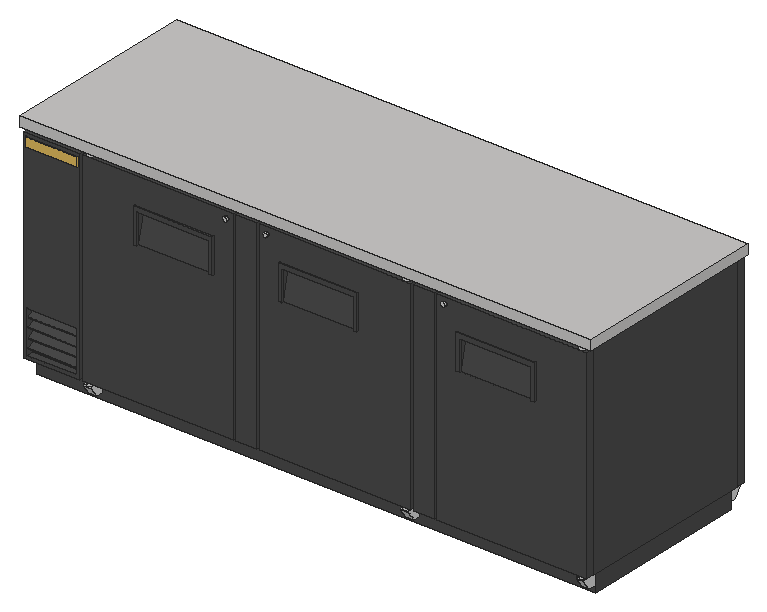
Revit family
Parameters
  Weight = "565 lbs."
  Watts = Volts * FL Amps  # 1012 W
  Volts = 115 V
  URL Manufacturer = "www.truemfg.com"
  URL Cutsheet = "www.truemfg.com"
  URL = "www.truemfg.com"
  Type Mark [instance] = ""
  Type Comments = ""
  Status [instance] = ""
  Specification by User [instance] = ""
  Specification by Manufacturer = ""
  Show Seismic Flanged [instance] = no
  Show Logo [instance] = yes
  Show Legs [instance] = no
  Show Clearance [instance] = yes
  Serial Number = ""
  Seismic Rating = ""
  Seismic Plate [instance] = and(Show Seismic Flanged, not(Show Casters))  # no
  SMACNA No = ""
  Revision Code [instance] = ""
  Phase = 1
  Omniclass Number and Title = ""
  Number of Poles [instance] = 1
  NAFEM Spec ID Number = ""
  Model = "TBB-4PT"
  Min Ckt Ampacity = 8.8 A
  Max Overcurrent Protection = 13.8 A
  MasterSpec. = ""
  Manufacturer = "TRUE FOOD SERVICE EQUIPMENT, INC."
  Legs [instance] = or(Show Legs, Show Seismic Flanged)  # no
  Item Number [instance] = ""
  Installed By [instance] = ""
  Identify Quantity as Lot [instance] = yes
  HP = "1/2"
  Furnished By [instance] = ""
  Foodservice Equipment Identifier [instance] = yes
  FL Amps = 8.8 A
  Electrical Remarks [instance] = ""
  Electric Connection Type [instance] = ""
  Elec Conn RI Height [instance] = 0"
  Elec Conn Connection Height [instance] = 12"
  Description = "Underbar Refrigeration Solid Swing Door Pass-Thru Back Bar Cooler"
  Show Default Legs [instance] = yes
  Cycle = 60 Hz
  Conn Plug NEMA = "NEMA 5-15P"
  Conn Conduit = yes
  Show Casters [instance] = and(not(if(Show Default Legs, Show Default Legs, Show Legs)), not(if(Show Default Legs, Show Default Legs, Show Seismic Flanged)))  # no
  CSI MasterFormat = ""
  CSI Master Format = ""
  Base Height [instance] = if(Show Casters, 5", if(Legs, 6", 0"))  # 0"
  Apparent Power = if(Phase = 3, Volts * FL Amps * 1.73, Volts * FL Amps)  # 1012 VA
Reference planes (in)
  plane 1 "BACK": y = 0
  plane 2: z = 0
  plane 3 "LEFT": x = 0
  plane 4 "RIGHT": x = 90.3125
  plane 5 "FRONT": y = -30.9375
  plane 6 "TOP": z = 37
  plane 7: z = 0
Dimensions and locks (in)
  "Base Height": plane 7 to level
  plane 4 "RIGHT" to plane 3 "LEFT" = 90 5/16"  (x2)
  plane 6 "TOP" to level = 37"  (x3)
  plane 2 to plane 6 "TOP" = 37"
  plane 1 "BACK" to plane 5 "FRONT" = 30 15/16"
  plane 5 "FRONT" to plane 1 "BACK" = 30 15/16"  (x2)
  nested 1 to nested 1 = 90 5/16"
  aligned and locked: level to plane 2
  aligned and locked: plane 7 to nested 1
Nested families (in)
  nested 1: "TBB-4PT" at (0, -0.71875, -6), Show Logo <- "Show Logo", Show Legs <- "Show Legs", Show Clearance <- "Show Clearance", Show Casters <- "Show Casters", Seismic Plate <- "Seismic Plate", Legs <- "Legs", type "TBB-4PT"
    with Type Mark "", Specification by User "", Show Logo yes, Show Legs no, Show Clearance yes, Show Casters no, Seismic Plate no, Revision Code "", Logo yes, Legs no, Item Number "", Installed By "", Identify Quantity as Lot yes, Furnished By "", Foodservice Equipment Identifier yes
Connectors (in)
  electrical at (5.06169, 0.0625, 12), driven by "Volts", driven by "Watts"
    settings: on nested 1, index 1, voltage 115 V, apparent load 1012 VA, apparent load phase1 0 VA, apparent load phase2 0 VA, apparent load phase3 0 VA, power factor 1, load classification "Other", number of poles 1, system type 30, power factor state 1, is connector primary yes, connector utility no, sub classification motor no, connector description "Electrical Connection"
Definition of nested family "TBB-4PT"
  Parameters (values of type "TBB-4PT")
    URL = "www.truemfg.com"
    Type Mark [instance] = ""
    Type Comments = "www.truemfg.com"
    Specification by User [instance] = ""
    Specification by Manufacturer = ""
    Show Logo [instance] = yes
    Show Legs [instance] = yes
    Show Clearance [instance] = yes
    Show Casters [instance] = yes
    Serial Number = ""
    Seismic Rating = ""
    Seismic Plate [instance] = no
    SMACNA No = ""
    Revision Code [instance] = ""
    Omniclass Number and Title = ""
    NAFEM Spec ID Number = ""
    Model = "TBB-4PT"
    MasterSpec. = ""
    Manufacturer = "TRUE FOOD SERVICE EQUIPMENT, INC."
    Logo [instance] = yes
    Legs [instance] = no
    Item Number [instance] = ""
    Installed By [instance] = ""
    Identify Quantity as Lot [instance] = yes
    Furnished By [instance] = ""
    Foodservice Equipment Identifier [instance] = yes
    Description = "Underbar Refrigeration Solid Swing Door Pass-Thru Back Bar Cooler"
    CSI MasterFormat = ""
    CSI Master Format = ""
    Assembly Code = ""
  Reference planes (in)
    plane 1: z = 0
    plane 2 "LEFT": x = 0
    plane 3 "RIGHT": x = 90.3125
    plane 4 "FRONT": y = -30.21875
    plane 5 "TOP": z = 43
    plane 6: z = 6
    plane 7 "BACK": y = 0.71875
  Forms (in)
    Extrusion 1, solid, material "QF_Finishes_Black"
      sketch origin (0, -2.21875, 1) x (0, 1, 0) y (0, 0, 1)
        loop
          line (0.84375, 8) -> (-25.90625, 8) -> (-25.90625, 5) -> (0.84375, 5) -> (0.84375, 8)
      from 1 to 89.3125
    Extrusion 2, solid, material "QF_Finishes_Stainless Steel", visible <- "Seismic Plate"
      sketch origin (-0.22541, -24.4251, 0) x (1, 0, 0) y (0, 1, 0)
        loop
          circle (87.37853, 21.33795) r 1.5
        loop
          circle (3.30142, 21.33795) r 1.5
        loop
          circle (87.37853, -1.98271) r 1.5
        loop
          circle (3.30142, -1.98271) r 1.5
      from 0 to 0.25
    Extrusion 3, solid, material "QF_Finishes_Black"
      sketch origin (0, 0, 0) x (1, 0, 0) y (0, 1, 0)
        loop
          line (0.65625, -28.96875) -> (89.65625, -28.96875) -> (89.65625, -0.53125) -> (0.65625, -0.53125) -> (0.65625, -28.96875)
      from 9 to 41.5
    Extrusion 4, solid, material "QF_Finishes_Stainless Steel"
      sketch origin (0, 0, 24) x (1, 0, 0) y (0, 1, 0)
        loop
          line (0, 0.71875) -> (0, -30.21875) -> (90.3125, -30.21875) -> (90.3125, 0.71875) -> (0, 0.71875)
      from 17.5 to 19
    Revolve 5, solid, material "QF_Finishes_Stainless Steel", visible <- "Legs"
      sketch origin (89.19481, -3.18273, 0) x (-1, 0, 0) y (0, 0, 1)
        loop
          line (2, 6) -> (0.53856, 6) -> (1.25, 1) -> (1.5, 1) -> (1.5, 0) -> (2, 0) -> (2, 6)
        axis (2, 0) -> (2, 6)
      angle from 0 to 360
    Revolve 6, solid, material "QF_Finishes_Stainless Steel", visible <- "Legs"
      sketch origin (1.11769, -3.18273, 0) x (1, 0, 0) y (0, 0, -1)
        loop
          line (2, -6) -> (2, 0) -> (1.5, 0) -> (1.5, -1) -> (1.25, -1) -> (0.53856, -6) -> (2, -6)
        axis (2, 0) -> (2, -6)
      angle from 0 to 360
    Extrusion 7, solid, material "QF_Finishes_Black"
      sketch origin (0, -29.21875, 7.375) x (0, 0, -1) y (1, 0, 0)
        loop
          line (-33.625, 62.28125) -> (-1.625, 62.28125) -> (-1.625, 65.5625) -> (-33.625, 65.5625) -> (-33.625, 62.28125)
        loop
          line (-1.625, 89.65625) -> (-33.625, 89.65625) -> (-33.625, 65.98238) -> (-1.625, 65.98238) -> (-1.625, 89.65625)
        loop
          line (-33.625, 9.87898) -> (-1.625, 9.87898) -> (-1.625, 33.76761) -> (-33.625, 33.76761) -> (-33.625, 9.87898)
        loop
          line (-1.625, 9.50398) -> (-33.625, 9.50398) -> (-33.625, 0.65625) -> (-1.625, 0.65625) -> (-1.625, 9.50398)
        loop
          line (-2.125, 1.15625) -> (-2.125, 9.00398) -> (-8.875, 9.00398) -> (-8.875, 1.15625) -> (-2.125, 1.15625)
        loop
          line (-33.625, 34.1875) -> (-1.625, 34.1875) -> (-1.625, 37.46875) -> (-33.625, 37.46875) -> (-33.625, 34.1875)
        loop
          line (-1.625, 61.875) -> (-33.625, 61.875) -> (-33.625, 37.875) -> (-1.625, 37.875) -> (-1.625, 61.875)
      from -0.14246 to 1
    Extrusion 8, solid, material "QF_Finishes_Black"
      sketch origin (1, -2.99818, 1) x (0, -1, 0) y (0, 0, 1)
        loop
          line (27.14294, 14.02072) -> (25.97057, 14.69759) -> (25.97057, 14.40892) -> (27.01794, 13.80421) -> (27.14294, 14.02072)
        loop
          line (27.14294, 12.52072) -> (25.97057, 13.19759) -> (25.97057, 12.90891) -> (27.01794, 12.30421) -> (27.14294, 12.52072)
        loop
          line (27.14294, 11.02072) -> (25.97057, 11.69759) -> (25.97057, 11.40891) -> (27.01794, 10.80421) -> (27.14294, 11.02072)
        loop
          line (27.14294, 9.52072) -> (25.97057, 10.19759) -> (25.97057, 9.90892) -> (27.01794, 9.30421) -> (27.14294, 9.52072)
      from -8.00398 to -0.15625
    Extrusion 9, void
      sketch origin (18.09773, -2.99818, 1) x (0, 1, 0) y (0, 0, 1)
        loop
          line (-27.22057, 35.0625) -> (-27.22057, 30.3125) -> (-26.22057, 35.0625) -> (-27.22057, 35.0625)
      from 0.625 to 12
    Extrusion 10, void
      sketch origin (40.93352, -2.99818, 1) x (0, 1, 0) y (0, 0, 1)
        loop
          line (-27.22057, 35.0625) -> (-27.22057, 30.3125) -> (-26.22057, 35.0625) -> (-27.22057, 35.0625)
      from 0.625 to 12
    Revolve 11, solid, material "QF_Finishes_Stainless Steel", visible <- "Legs"
      sketch origin (89.19481, -26.37998, 0) x (-1, 0, 0) y (0, 0, 1)
        loop
          line (2, 6) -> (0.53856, 6) -> (1.25, 1) -> (1.5, 1) -> (1.5, 0) -> (2, 0) -> (2, 6)
        axis (2, 0) -> (2, 6)
      angle from 0 to 360
    Revolve 12, solid, material "QF_Finishes_Black", visible <- "Show Casters"
      sketch origin (89.19481, -25.37998, 1.5) x (-1, 0, 0) y (0, 0, -1)
        loop
          line (1.475, -3.5) -> (2.525, -3.5) -> (2.62908, -3.39592) -> (2.62908, -2.79941) -> (2.46399, -2.79941) -> (2.46399, -2.04941) -> (2.62908, -2.04941) -> (2.62908, -1.79941) -> (3.025, -1.79941) -> (3.025, -1.5) -> (0.975, -1.5) -> (0.975, -1.79941) -> (1.375, -1.79941) -> (1.375, -2.04941) -> (1.53601, -2.04941) -> (1.53601, -2.79941) -> (1.375, -2.79941) -> (1.375, -3.4) -> (1.475, -3.5)
        axis (3.025, -1.5) -> (0.975, -1.5)
      angle from 0 to 360
    Revolve 13, solid, material "QF_Finishes_Stainless Steel", visible <- "Legs"
      sketch origin (1.11769, -26.37998, 0) x (1, 0, 0) y (0, 0, -1)
        loop
          line (2, -6) -> (2, 0) -> (1.5, 0) -> (1.5, -1) -> (1.25, -1) -> (0.53856, -6) -> (2, -6)
        axis (2, 0) -> (2, -6)
      angle from 0 to 360
    Revolve 14, solid, material "QF_Finishes_Black", visible <- "Show Casters"
      sketch origin (1.11769, -25.37998, 1.5) x (1, 0, 0) y (0, 0, 1)
        loop
          line (1.475, 3.5) -> (1.375, 3.4) -> (1.375, 2.79941) -> (1.53601, 2.79941) -> (1.53601, 2.04941) -> (1.375, 2.04941) -> (1.375, 1.79941) -> (0.975, 1.79941) -> (0.975, 1.5) -> (3.025, 1.5) -> (3.025, 1.79941) -> (2.62908, 1.79941) -> (2.62908, 2.04941) -> (2.46399, 2.04941) -> (2.46399, 2.79941) -> (2.62908, 2.79941) -> (2.62908, 3.39592) -> (2.525, 3.5) -> (1.475, 3.5)
        axis (3.025, 1.5) -> (0.975, 1.5)
      angle from 0 to 360
    Revolve 15, solid, material "QF_Finishes_Black", visible <- "Show Casters"
      sketch origin (89.19481, -2.27648, 1.5) x (-1, 0, 0) y (0, 0, -1)
        loop
          line (1.475, -3.5) -> (2.525, -3.5) -> (2.62908, -3.39592) -> (2.62908, -2.79941) -> (2.46399, -2.79941) -> (2.46399, -2.04941) -> (2.62908, -2.04941) -> (2.62908, -1.79941) -> (3.025, -1.79941) -> (3.025, -1.5) -> (0.975, -1.5) -> (0.975, -1.79941) -> (1.375, -1.79941) -> (1.375, -2.04941) -> (1.53601, -2.04941) -> (1.53601, -2.79941) -> (1.375, -2.79941) -> (1.375, -3.4) -> (1.475, -3.5)
        axis (3.025, -1.5) -> (0.975, -1.5)
      angle from 0 to 360
    Revolve 16, solid, material "QF_Finishes_Black", visible <- "Show Casters"
      sketch origin (1.11769, -2.27648, 1.5) x (1, 0, 0) y (0, 0, 1)
        loop
          line (1.475, 3.5) -> (1.375, 3.4) -> (1.375, 2.79941) -> (1.53601, 2.79941) -> (1.53601, 2.04941) -> (1.375, 2.04941) -> (1.375, 1.79941) -> (0.975, 1.79941) -> (0.975, 1.5) -> (3.025, 1.5) -> (3.025, 1.79941) -> (2.62908, 1.79941) -> (2.62908, 2.04941) -> (2.46399, 2.04941) -> (2.46399, 2.79941) -> (2.62908, 2.79941) -> (2.62908, 3.39592) -> (2.525, 3.5) -> (1.475, 3.5)
        axis (3.025, 1.5) -> (0.975, 1.5)
      angle from 0 to 360
    Extrusion 17, solid, material "QF_Finishes_Handrails and Railings", visible <- "Show Casters"
      sketch origin (89.19481, -2.04914, 1.00141) x (0, 1, 0) y (0, 0, -1)
        loop
          line (-25.82548, -4.36074) -> (-23.07548, -4.36074) -> (-22.45791, -2.16805)
          arc (-22.45791, -2.16805) -> (-22.79811, -1.19773) -> (-23.82628, -1.18736) r 0.8952
          line (-23.82628, -1.18736) -> (-25.57548, -3.75589) -> (-25.82548, -3.75589) -> (-25.82548, -4.36074)
        loop
          line (-2.6077, -4.36074) -> (0.1423, -4.36074) -> (0.75987, -2.16805)
          arc (0.75987, -2.16805) -> (0.41967, -1.19773) -> (-0.6085, -1.18736) r 0.8952
          line (-0.6085, -1.18736) -> (-2.3577, -3.75589) -> (-2.6077, -3.75589) -> (-2.6077, -4.36074)
      from 1.175 to 1.325
    Extrusion 18, solid, material "QF_Finishes_Handrails and Railings", visible <- "Show Casters"
      sketch origin (136.97606, -2.24789, 1.00141) x (0, 1, 0) y (0, 0, -1)
        loop
          line (-25.62673, -4.36074) -> (-22.87673, -4.36074) -> (-22.8407, -4.06727) -> (-25.37673, -3.75589) -> (-25.62673, -3.75589) -> (-25.62673, -4.36074)
        loop
          line (-2.40895, -4.36074) -> (0.34105, -4.36074) -> (0.37709, -4.06727) -> (-2.15895, -3.75589) -> (-2.40895, -3.75589) -> (-2.40895, -4.36074)
      from 49.10625 to 50.45625
    Extrusion 19, solid, material "QF_Finishes_Handrails and Railings", visible <- "Show Casters"
      sketch origin (85.19481, -2.04914, 1.00141) x (0, 1, 0) y (0, 0, 1)
        loop
          line (-23.07548, 4.36074) -> (-25.82548, 4.36074) -> (-25.82548, 3.75589) -> (-25.57548, 3.75589) -> (-23.82628, 1.18736)
          arc (-23.82628, 1.18736) -> (-22.79811, 1.19773) -> (-22.45791, 2.16805) r 0.8952
          line (-22.45791, 2.16805) -> (-23.07548, 4.36074)
        loop
          line (-2.6077, 4.36074) -> (-2.6077, 3.75589) -> (-2.3577, 3.75589) -> (-0.6085, 1.18736)
          arc (-0.6085, 1.18736) -> (0.41967, 1.19773) -> (0.75987, 2.16805) r 0.8952
          line (0.75987, 2.16805) -> (0.1423, 4.36074) -> (-2.6077, 4.36074)
      from 1.175 to 1.325
    Extrusion 20, solid, material "QF_Finishes_Handrails and Railings", visible <- "Show Casters"
      sketch origin (1.11769, -2.04914, 1.00141) x (0, 1, 0) y (0, 0, 1)
        loop
          line (-25.82548, 4.36074) -> (-25.82548, 3.75589) -> (-25.57548, 3.75589) -> (-23.82628, 1.18736)
          arc (-23.82628, 1.18736) -> (-22.79811, 1.19773) -> (-22.45791, 2.16805) r 0.8952
          line (-22.45791, 2.16805) -> (-23.07548, 4.36074) -> (-25.82548, 4.36074)
        loop
          line (-2.6077, 4.36074) -> (-2.6077, 3.75589) -> (-2.3577, 3.75589) -> (-0.6085, 1.18736)
          arc (-0.6085, 1.18736) -> (0.41967, 1.19773) -> (0.75987, 2.16805) r 0.8952
          line (0.75987, 2.16805) -> (0.1423, 4.36074) -> (-2.6077, 4.36074)
      from 1.175 to 1.325
    Extrusion 21, solid, material "QF_Finishes_Handrails and Railings", visible <- "Show Casters"
      sketch origin (-46.66356, -2.24789, 1.00141) x (0, 1, 0) y (0, 0, 1)
        loop
          line (-25.62673, 4.36074) -> (-25.62673, 3.75589) -> (-25.37673, 3.75589) -> (-22.8407, 4.06727) -> (-22.87673, 4.36074) -> (-25.62673, 4.36074)
        loop
          line (-2.40895, 4.36074) -> (-2.40895, 3.75589) -> (-2.15895, 3.75589) -> (0.37709, 4.06727) -> (0.34105, 4.36074) -> (-2.40895, 4.36074)
      from 49.10625 to 50.45625
    Extrusion 22, solid, material "QF_Finishes_Handrails and Railings", visible <- "Show Casters"
      sketch origin (5.11769, -2.04914, 1.00141) x (0, 1, 0) y (0, 0, -1)
        loop
          line (-23.07548, -4.36074) -> (-22.45791, -2.16805)
          arc (-22.45791, -2.16805) -> (-22.79811, -1.19773) -> (-23.82628, -1.18736) r 0.8952
          line (-23.82628, -1.18736) -> (-25.57548, -3.75589) -> (-25.82548, -3.75589) -> (-25.82548, -4.36074) -> (-23.07548, -4.36074)
        loop
          line (-2.6077, -4.36074) -> (0.1423, -4.36074) -> (0.75987, -2.16805)
          arc (0.75987, -2.16805) -> (0.41967, -1.19773) -> (-0.6085, -1.18736) r 0.8952
          line (-0.6085, -1.18736) -> (-2.3577, -3.75589) -> (-2.6077, -3.75589) -> (-2.6077, -4.36074)
      from 1.175 to 1.325
    Extrusion 23, solid
      sketch origin (-2.8125, 0.78125, 6.29638) x (1, 0, 0) y (0, 0, 1)
        loop
          circle (7.87419, 11.70362) r 0.25
      from 0 to 0.0625
    Extrusion 24, solid, material "QF_Finishes_Black"
      sketch origin (0, -27.18932, 7.375) x (0, 0, -1) y (1, 0, 0)
        loop
          line (-23.9375, 30.09773) -> (-23.9375, 30.59773) -> (-29.4375, 30.59773) -> (-29.4375, 18.22273) -> (-23.9375, 18.22273) -> (-23.9375, 18.72273) -> (-28.6875, 18.72273) -> (-28.6875, 30.09773) -> (-23.9375, 30.09773)
        loop
          line (-23.9375, 41.55852) -> (-28.6875, 41.55852) -> (-28.6875, 52.93352) -> (-23.9375, 52.93352) -> (-23.9375, 53.43352) -> (-29.4375, 53.43352) -> (-29.4375, 41.05852) -> (-23.9375, 41.05852) -> (-23.9375, 41.55852)
        loop
          line (-23.9375, 69.66591) -> (-28.6875, 69.66591) -> (-28.6875, 81.04091) -> (-23.9375, 81.04091) -> (-23.9375, 81.54091) -> (-29.4375, 81.54091) -> (-29.4375, 69.16591) -> (-23.9375, 69.16591) -> (-23.9375, 69.66591)
      from 3.02943 to 3.27943
    Extrusion 25, solid, material "QF_Finishes_Handrails and Railings"
      sketch origin (0, -27.18824, 7.375) x (0, 0, -1) y (1, 0, 0)
        loop
          circle (-32.625, 32.64262) r 0.33364
        loop
          circle (-32.625, 39.01363) r 0.33364
        loop
          circle (-32.625, 67.12102) r 0.33364
      from 3.02943 to 3.27943
    Extrusion 26, solid, material "QF_Finishes_Handrails and Railings"
      sketch origin (1, -2.21875, 1) x (0, -1, 0) y (0, 0, 1)
        loop
          line (25.90625, 7.54121) -> (25.90625, 5.94148) -> (26.91628, 5.94148) -> (27.92004, 7.375) -> (27.92004, 7.54121) -> (25.90625, 7.54121)
        loop
          line (-0.84375, 7.54121) -> (-2.85754, 7.54121) -> (-2.85754, 7.375) -> (-1.85378, 5.94148) -> (-0.84375, 5.94148) -> (-0.84375, 7.54121)
      from -10.31822 to -9.08861
    Extrusion 27, solid, material "QF_Finishes_Handrails and Railings"
      sketch origin (0, 0, 0) x (1, 0, 0) y (0, 1, 0)
        loop
          circle (10.72477, -29.63879) r 0.5
        loop
          circle (60.75942, -29.63879) r 0.5
        loop
          circle (88.54067, -29.63879) r 0.5
        loop
          circle (10.72477, 0.13879) r 0.5
        loop
          circle (60.75942, 0.13879) r 0.5
        loop
          circle (88.54067, 0.13879) r 0.5
      from 8.54121 to 9
    Extrusion 28, void
      sketch origin (69.04091, -2.99818, 1) x (0, 1, 0) y (0, 0, 1)
        loop
          line (-27.22057, 35.0625) -> (-27.22057, 30.3125) -> (-26.22057, 35.0625) -> (-27.22057, 35.0625)
      from 0.625 to 12
    Extrusion 29, solid, material "QF_Finishes_Handrails and Railings"
      sketch origin (0, 0, 32.5) x (1, 0, 0) y (0, 1, 0)
        loop
          circle (10.72477, -29.63879) r 0.5
        loop
          circle (60.75942, -29.63879) r 0.5
        loop
          circle (88.54067, -29.63879) r 0.5
        loop
          circle (10.72477, 0.13879) r 0.5
        loop
          circle (60.75942, 0.13879) r 0.5
        loop
          circle (88.54067, 0.13879) r 0.5
      from 8.5 to 9
    Extrusion 30, solid, material "QF_Finishes_Chrome - Satin", visible <- "Show Casters"
      sketch origin (0, 0, 0) x (1, 0, 0) y (0, 1, 0)
        loop
          circle (3.11769, -26.48418) r 1.29707
        loop
          circle (87.19481, -26.48418) r 1.29707
        loop
          circle (87.19481, -3.2664) r 1.29707
        loop
          circle (3.11769, -3.2664) r 1.29707
      from 5.36215 to 6
    Extrusion 31, solid, material "QF_Finishes_Black"
      sketch origin (0, -0.28125, 7.375) x (0, 0, -1) y (-1, 0, 0)
        loop
          line (-33.625, -62.28125) -> (-33.625, -65.5625) -> (-1.625, -65.5625) -> (-1.625, -62.28125) -> (-33.625, -62.28125)
        loop
          line (-1.625, -89.65625) -> (-1.625, -65.98238) -> (-33.625, -65.98238) -> (-33.625, -89.65625) -> (-1.625, -89.65625)
        loop
          line (-33.625, -9.87898) -> (-33.625, -33.76761) -> (-1.625, -33.76761) -> (-1.625, -9.87898) -> (-33.625, -9.87898)
        loop
          line (-1.625, -9.50398) -> (-1.625, -0.65625) -> (-33.625, -0.65625) -> (-33.625, -9.50398) -> (-1.625, -9.50398)
        loop
          line (-33.625, -34.1875) -> (-33.625, -37.46875) -> (-1.625, -37.46875) -> (-1.625, -34.1875) -> (-33.625, -34.1875)
        loop
          line (-1.625, -61.875) -> (-1.625, -37.875) -> (-33.625, -37.875) -> (-33.625, -61.875) -> (-1.625, -61.875)
      from -0.14246 to 1
    Extrusion 32, void
      sketch origin (18.09773, -26.50182, 1) x (0, -1, 0) y (0, 0, -1)
        loop
          line (-27.22057, -35.0625) -> (-26.22057, -35.0625) -> (-27.22057, -30.3125) -> (-27.22057, -35.0625)
      from 0.625 to 12
    Extrusion 33, solid, material "QF_Finishes_Black"
      sketch origin (0, -2.31068, 7.375) x (0, 0, -1) y (-1, 0, 0)
        loop
          line (-23.9375, -30.09773) -> (-28.6875, -30.09773) -> (-28.6875, -18.72273) -> (-23.9375, -18.72273) -> (-23.9375, -18.22273) -> (-29.4375, -18.22273) -> (-29.4375, -30.59773) -> (-23.9375, -30.59773) -> (-23.9375, -30.09773)
        loop
          line (-23.9375, -41.55852) -> (-23.9375, -41.05852) -> (-29.4375, -41.05852) -> (-29.4375, -53.43352) -> (-23.9375, -53.43352) -> (-23.9375, -52.93352) -> (-28.6875, -52.93352) -> (-28.6875, -41.55852) -> (-23.9375, -41.55852)
        loop
          line (-23.9375, -69.66591) -> (-23.9375, -69.16591) -> (-29.4375, -69.16591) -> (-29.4375, -81.54091) -> (-23.9375, -81.54091) -> (-23.9375, -81.04091) -> (-28.6875, -81.04091) -> (-28.6875, -69.66591) -> (-23.9375, -69.66591)
      from 3.02943 to 3.27943
    Extrusion 34, solid, material "QF_Finishes_Handrails and Railings"
      sketch origin (0, -2.31176, 7.375) x (0, 0, -1) y (-1, 0, 0)
        loop
          circle (-32.625, -32.64262) r 0.33364
        loop
          circle (-32.625, -39.01363) r 0.33364
        loop
          circle (-32.625, -67.12102) r 0.33364
      from 3.02943 to 3.27943
    Extrusion 35, void
      sketch origin (40.93352, -26.50182, 1) x (0, -1, 0) y (0, 0, -1)
        loop
          line (-27.22057, -35.0625) -> (-26.22057, -35.0625) -> (-27.22057, -30.3125) -> (-27.22057, -35.0625)
      from 0.625 to 12
    Extrusion 36, void
      sketch origin (69.04091, -26.50182, 1) x (0, -1, 0) y (0, 0, -1)
        loop
          line (-27.22057, -35.0625) -> (-26.22057, -35.0625) -> (-27.22057, -30.3125) -> (-27.22057, -35.0625)
      from 0.625 to 12
    Extrusion 37, solid, material "QF_Finishes_Handrails and Railings"
      sketch origin (51.03465, -2.21875, 1) x (0, -1, 0) y (0, 0, 1)
        loop
          line (25.90625, 7.54121) -> (25.90625, 5.94148) -> (26.91628, 5.94148) -> (27.92004, 7.375) -> (27.92004, 7.54121) -> (25.90625, 7.54121)
        loop
          line (-0.84375, 7.54121) -> (-2.85754, 7.54121) -> (-2.85754, 7.375) -> (-1.85378, 5.94148) -> (-0.84375, 5.94148) -> (-0.84375, 7.54121)
      from -10.31822 to -9.08861
    Extrusion 38, solid, material "QF_Finishes_Handrails and Railings"
      sketch origin (78.8159, -2.21875, 1) x (0, -1, 0) y (0, 0, 1)
        loop
          line (25.90625, 7.54121) -> (25.90625, 5.94148) -> (26.91628, 5.94148) -> (27.92004, 7.375) -> (27.92004, 7.54121) -> (25.90625, 7.54121)
        loop
          line (-0.84375, 7.54121) -> (-2.85754, 7.54121) -> (-2.85754, 7.375) -> (-1.85378, 5.94148) -> (-0.84375, 5.94148) -> (-0.84375, 7.54121)
      from -10.31822 to -9.08861
    Extrusion 39, solid, material "QF_Finishes_Door Clearance", visible <- "Show Clearance", detail levels coarse
      sketch origin (96.02444, -44.47639, 0) x (-1, 0, 0) y (0, -1, 0)
        loop
          line (62.25683, -14.25764) -> (86.14547, -14.25764) -> (86.14547, 9.631)
          arc (86.14547, 9.631) -> (69.25365, 2.63418) -> (62.25683, -14.25764) r 23.88864
        loop
          arc (30.04206, -14.25764) -> (23.10815, 2.48231) -> (6.36819, 9.41623) r 23.67387
          line (6.36819, 9.41623) -> (6.36819, -14.25764) -> (30.04206, -14.25764)
        loop
          arc (58.14944, -14.25764) -> (51.12001, 2.71293) -> (34.14945, 9.74236) r 24
          line (34.14945, 9.74236) -> (34.14945, -14.25764) -> (58.14944, -14.25764)
      from 9 to 41
    Extrusion 40, solid, material "QF_Finishes_Satin - Goldenrod", visible <- "Show Logo"
      sketch origin (-64.86824, 4.53233, 6.45785) x (1, 0, 0) y (0, 0, 1)
        loop
          line (73.97982, 34.04477) -> (65.87982, 34.04477) -> (65.87982, 32.5421) -> (73.97982, 32.5421) -> (73.97982, 34.04477)
      from 34.75108 to 34.81376
    Extrusion 41, solid, material "QF_Finishes_Door Clearance", visible <- "Show Clearance", detail levels coarse
      sketch origin (96.02444, 14.97639, 0) x (-1, 0, 0) y (0, -1, 0)
        loop
          arc (62.25683, 14.25764) -> (69.25365, -2.63418) -> (86.14547, -9.631) r 23.88864
          line (86.14547, -9.631) -> (86.14547, 14.25764) -> (62.25683, 14.25764)
        loop
          line (30.04206, 14.25764) -> (6.36819, 14.25764) -> (6.36819, -9.41623)
          arc (6.36819, -9.41623) -> (23.10815, -2.48231) -> (30.04206, 14.25764) r 23.67387
        loop
          line (58.14944, 14.25764) -> (34.14945, 14.25764) -> (34.14945, -9.74236)
          arc (34.14945, -9.74236) -> (51.12001, -2.71293) -> (58.14944, 14.25764) r 24
      from 9 to 41
  Cuts and joins
    Extrusion 9 cuts Extrusion 3
    Extrusion 9, Extrusion 10, Extrusion 28, Extrusion 32 cuts Extrusion 7
    Extrusion 28, Extrusion 32 cuts Extrusion 24
    Extrusion 32, Extrusion 35, Extrusion 36 cuts Extrusion 31
    Extrusion 32, Extrusion 35, Extrusion 36 cuts Extrusion 33
  Lines and regions (in)
    Split face 1
      outline origin (-64.86824, -30.28143, 6.45785) x (1, 0, 0) y (0, 0, 1)
        loop
          line (66.00482, 33.91977) -> (66.00482, 32.6671) -> (73.85482, 32.6671) -> (73.85482, 33.91977) -> (66.00482, 33.91977)
    Split face 2
      outline origin (-64.86824, -30.28143, 6.45785) x (1, 0, 0) y (0, 0, 1)
        loop
          line (68.27226, 33.84478) -> (66.78155, 33.84478) -> (66.16296, 32.77335) -> (67.65367, 32.77335) -> (68.27226, 33.84478)
    Split face 3
      outline origin (-64.86824, -30.28143, 6.45785) x (1, 0, 0) y (0, 0, 1)
        loop
          line (68.68561, 33.68666) -> (68.60688, 33.51782) -> (69.65417, 33.51782)
          arc (69.65417, 33.51782) -> (69.67543, 33.48023) -> (69.65417, 33.44265) r 0.04386
          line (69.65417, 33.44265) -> (69.38102, 32.85687)
          arc (69.38102, 32.85687) -> (69.37865, 32.80261) -> (69.41535, 32.76257) r 0.07096
          line (69.41535, 32.76257) -> (70.085, 32.76257)
          arc (70.085, 32.76257) -> (70.16956, 32.78923) -> (70.22354, 32.85957) r 0.14742
          line (70.22354, 32.85957) -> (70.4385, 33.32057) -> (70.636, 33.32057)
          arc (70.636, 33.32057) -> (70.68782, 33.30151) -> (70.68032, 33.24681) r 0.04405
          line (70.68032, 33.24681) -> (70.50045, 32.86108)
          arc (70.50045, 32.86108) -> (70.50325, 32.79702) -> (70.55733, 32.76257) r 0.06943
          line (70.55733, 32.76257) -> (71.14575, 32.76257)
          arc (71.14575, 32.76257) -> (71.19083, 32.77898) -> (71.21482, 32.82053) r 0.07014
          arc (71.21482, 32.82053) -> (71.2318, 32.77955) -> (71.27278, 32.76257) r 0.05796
          line (71.27278, 32.76257) -> (71.64535, 32.76257)
          arc (71.64535, 32.76257) -> (71.68839, 32.77411) -> (71.7199, 32.80561) r 0.08608
          arc (71.7199, 32.80561) -> (71.73499, 32.76919) -> (71.7714, 32.75411) r 0.0515
          line (71.7714, 32.75411) -> (72.30092, 32.75411)
          arc (72.30092, 32.75411) -> (72.34421, 32.77204) -> (72.36215, 32.81533) r 0.06122
          arc (72.36215, 32.81533) -> (72.40183, 32.77565) -> (72.45604, 32.76112) r 0.10842
          line (72.45604, 32.76112) -> (73.44796, 32.76112) -> (73.55814, 32.95197) -> (72.55765, 32.95197)
          arc (72.55765, 32.95197) -> (72.53004, 32.97111) -> (72.52901, 33.0047) r 0.03732
          line (72.52901, 33.0047) -> (72.54631, 33.04182)
          arc (72.54631, 33.04182) -> (72.57289, 33.07663) -> (72.61464, 33.08983) r 0.07263
          line (72.61464, 33.08983) -> (72.93624, 33.08983)
          arc (72.93624, 33.08983) -> (73.00565, 33.10843) -> (73.05646, 33.15924) r 0.13882
          line (73.05646, 33.15924) -> (73.1496, 33.32057)
          arc (73.1496, 33.32057) -> (73.1496, 33.40668) -> (73.07503, 33.44973) r 0.08611
          line (73.07503, 33.44973) -> (72.73562, 33.44973)
          arc (72.73562, 33.44973) -> (72.64909, 33.43503) -> (72.58873, 33.37132) r 0.13863
          line (72.58873, 33.37132) -> (72.42744, 33.02543)
          arc (72.42744, 33.02543) -> (72.37984, 32.96339) -> (72.30526, 32.93988) r 0.13002
          line (72.30526, 32.93988) -> (71.95319, 32.93988)
          arc (71.95319, 32.93988) -> (71.91105, 32.98587) -> (71.91377, 33.0482) r 0.08151
          line (71.91377, 33.0482) -> (72.10101, 33.44973) -> (71.98184, 33.44973) -> (71.78347, 33.02432)
          arc (71.78347, 33.02432) -> (71.74493, 32.97409) -> (71.68454, 32.95505) r 0.10527
          line (71.68454, 32.95505) -> (71.44177, 32.95505)
          arc (71.44177, 32.95505) -> (71.40075, 33.00851) -> (71.40954, 33.07533) r 0.08805
          line (71.40954, 33.07533) -> (71.58413, 33.44973) -> (71.46107, 33.44973) -> (71.26011, 33.01878)
          arc (71.26011, 33.01878) -> (71.21346, 32.97213) -> (71.14974, 32.95505) r 0.12745
          line (71.14974, 32.95505) -> (70.79819, 32.95505)
          arc (70.79819, 32.95505) -> (70.73505, 32.98449) -> (70.72898, 33.0539) r 0.06967
          line (70.72898, 33.0539) -> (70.84453, 33.3017) -> (71.00787, 33.3017)
          arc (71.00787, 33.3017) -> (71.03544, 33.38477) -> (71.0941, 33.44973) r 0.21289
          line (71.0941, 33.44973) -> (70.45579, 33.44973)
          arc (70.45579, 33.44973) -> (70.38486, 33.434) -> (70.33577, 33.38044) r 0.12081
          line (70.33577, 33.38044) -> (70.16275, 33.00939)
          arc (70.16275, 33.00939) -> (70.12297, 32.96961) -> (70.06863, 32.95505) r 0.10869
          line (70.06863, 32.95505) -> (69.68755, 32.95505)
          arc (69.68755, 32.95505) -> (69.65781, 32.99525) -> (69.66347, 33.04493) r 0.06822
          line (69.66347, 33.04493) -> (69.91491, 33.51782) -> (70.54931, 33.51782) -> (70.62804, 33.68666) -> (69.99364, 33.68666) -> (70.07237, 33.85549) -> (69.84669, 33.85549) -> (69.76796, 33.68666) -> (68.68561, 33.68666)
    Split face 4
      outline origin (-64.86824, -30.28143, 6.45785) x (1, 0, 0) y (0, 0, 1)
        loop
          arc (72.69272, 33.29644) -> (72.66526, 33.28908) -> (72.64515, 33.26897) r 0.05494
          line (72.64515, 33.26897) -> (72.62882, 33.21875)
          arc (72.62882, 33.21875) -> (72.63639, 33.20046) -> (72.65468, 33.19289) r 0.02586
          line (72.65468, 33.19289) -> (72.93224, 33.19289)
          arc (72.93224, 33.19289) -> (72.95223, 33.19732) -> (72.96848, 33.20979) r 0.04731
          line (72.96848, 33.20979) -> (72.98198, 33.27229)
          arc (72.98198, 33.27229) -> (72.97801, 33.28902) -> (72.96249, 33.29644) r 0.01994
          line (72.96249, 33.29644) -> (72.69272, 33.29644)
    symbolic lines, style "SpecialityEquipmentHiddenLines", visible <- "Show Casters"
      curve 1: line (1.49225, -4.62253, 0) -> (2.40158, -5.14752, 0)
      curve 2: line (3.49225, -1.15842, 0) -> (1.49225, -4.62253, 0)
      curve 3: line (4.40158, -1.68342, 0) -> (3.49225, -1.15842, 0)
      curve 4: line (2.40158, -5.14752, 0) -> (4.40158, -1.68342, 0)
      curve 5: line (1.49225, -27.65463, 0) -> (2.40158, -28.17963, 0)
      curve 6: line (3.49225, -24.19053, 0) -> (1.49225, -27.65463, 0)
      curve 7: line (4.40158, -24.71553, 0) -> (3.49225, -24.19053, 0)
      curve 8: line (2.40158, -28.17963, 0) -> (4.40158, -24.71553, 0)
      curve 9: line (85.74225, -4.62253, 0) -> (86.65158, -5.14752, 0)
      curve 10: line (87.74225, -1.15842, 0) -> (85.74225, -4.62253, 0)
      curve 11: line (88.65158, -1.68342, 0) -> (87.74225, -1.15842, 0)
      curve 12: line (86.65158, -5.14752, 0) -> (88.65158, -1.68342, 0)
      curve 13: line (85.74225, -27.65463, 0) -> (86.65158, -28.17963, 0)
      curve 14: line (87.74225, -24.19053, 0) -> (85.74225, -27.65463, 0)
      curve 15: line (88.65158, -24.71553, 0) -> (87.74225, -24.19053, 0)
      curve 16: line (86.65158, -28.17963, 0) -> (88.65158, -24.71553, 0)
    symbolic lines
      curve 17: line (0, 0.71875, 0) -> (90.3125, 0.71875, 0)
      curve 18: line (0, -30.21875, 0) -> (0, 0.71875, 0)
      curve 19: line (90.3125, -30.21875, 0) -> (0, -30.21875, 0)
      curve 20: line (90.3125, 0.71875, 0) -> (90.3125, -30.21875, 0)
    symbolic lines, style "QF-Door Swings", visible <- "Show Clearance", detail levels coarse
      curve 21: line (9.87898, -54.10739, 0) -> (9.87898, -30.21875, 0)
      curve 22: arc (33.76761, -30.21875, 0) -> (26.77079, -47.11057, 0) -> (9.87898, -54.10739, 0) r 23.88864
      curve 23: line (61.875, -54.21875, 0) -> (61.875, -30.21875, 0)
      curve 24: arc (37.875, -30.21875, 0) -> (44.90444, -47.18931, 0) -> (61.875, -54.21875, 0) r 24
      curve 25: line (89.65625, -53.89262, 0) -> (89.65625, -30.21875, 0)
      curve 26: arc (65.98238, -30.21875, 0) -> (72.9163, -46.9587, 0) -> (89.65625, -53.89262, 0) r 23.67387
      curve 27: line (9.87898, 24.60739, 0) -> (9.87898, 0.71875, 0)
      curve 28: arc (33.76761, 0.71875, 0) -> (26.77079, 17.61057, 0) -> (9.87898, 24.60739, 0) r 23.88864
      curve 29: line (61.875, 24.71875, 0) -> (61.875, 0.71875, 0)
      curve 30: arc (37.875, 0.71875, 0) -> (44.90444, 17.68931, 0) -> (61.875, 24.71875, 0) r 24
      curve 31: line (89.65625, 24.39262, 0) -> (89.65625, 0.71875, 0)
      curve 32: arc (65.98238, 0.71875, 0) -> (72.9163, 17.4587, 0) -> (89.65625, 24.39262, 0) r 23.67387
  Dimensions and locks (in)
    locked: Extrusion 1 sketch curve to Extrusion 1 sketch curve at 3
    plane 6 to level = 6"
    plane 3 "RIGHT" to plane 2 "LEFT" = 90 5/16"  (x2)
    plane 5 "TOP" to plane 6 = 37"  (x3)
    locked: Extrusion 23 sketch curve to Extrusion 23 sketch curve at 0.5
    plane 6 to cut or joined group of Extrusion 3, Extrusion 9 = 3"
    Extrusion 1 to cut or joined group of Extrusion 3, Extrusion 9 = 3"
    plane 6 to plane 5 "TOP" = 37"
    plane 7 "BACK" to plane 4 "FRONT" = 30 15/16"  (x2)
    plane 4 "FRONT" to plane 7 "BACK" = 30 15/16"
    plane 2 "LEFT" to plane 3 "RIGHT" = 90 5/16"
    aligned and locked: level to plane 1
    aligned and locked: Extrusion 3 to Extrusion 1
    aligned and locked: plane 5 "TOP" to Extrusion 4
    aligned and locked: Extrusion 4 to plane 2 "LEFT"
    aligned and locked: plane 3 "RIGHT" to Extrusion 4
    aligned and locked: Extrusion 3 to Extrusion 4
    aligned: Extrusion 7 sketch curve to Extrusion 3
    aligned and locked: Extrusion 19 sketch curve to Extrusion 17
    aligned and locked: Extrusion 22 sketch curve to Extrusion 20
    aligned and locked: plane 4 "FRONT" to Extrusion 4
    aligned and locked: plane 7 "BACK" to Extrusion 4
    aligned and locked: Extrusion 30 to Extrusion 20
